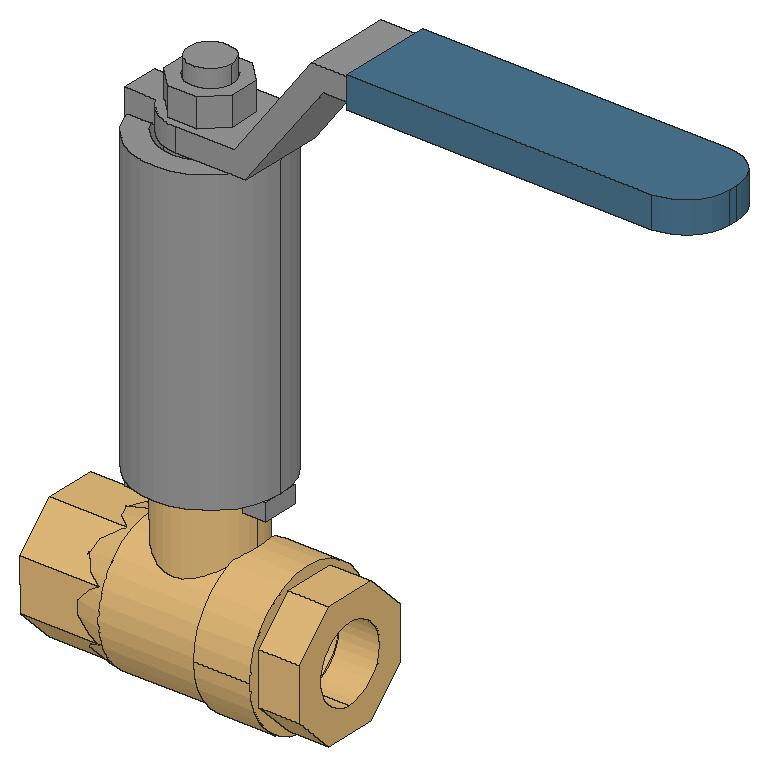
Revit family "420SE-Ball-Valve", category Pipe Accessories, Revit 2018
Family settings
  Round Connector Dimension = Use Diameter
  Part Type = Valve - Breaks Into
  OmniClass Number = 23.60.30.11.14
  OmniClass Title = Pipework Fittings
  Work Plane-Based = No
  Always vertical = Yes
  Cut with Voids When Loaded = No
  Shared = No
Parameters
  Weight [instance] = size_lookup(LookupTable, "Weight", "NA", Nominal Diameter)  # "0.3 lbs."
  URL = "http://fnw.com"
  Standards Lookup Table = "Standards"  # constant formula
  Product ID Handle [instance] = size_lookup(LookupTable, "ProductIDHandle", "NA", Nominal Diameter)  # "2240187"
  Product ID [instance] = size_lookup(LookupTable, "ProductID", "NA", Nominal Diameter)  # "989144"
  Pipe Diameter [instance] = size_lookup(Standards Lookup Table, "pipe_dia", 0", Nominal Diameter)  # 0.54"
  Pin [instance] = [1_Z3] + [1_Z2] + Z3 + 0.125"  # 2.66253"
  Piipe Radius [instance] = Pipe Diameter / 2  # 0.27"
  Part Number Handle [instance] = size_lookup(LookupTable, "PartNumberHandle", "NA", Nominal Diameter)  # "FNW420SEBD"
  Part Number [instance] = size_lookup(LookupTable, "PartNumber", "NA", Nominal Diameter)  # "FNW420B"
  NPT Insert [instance] = size_lookup(Standards Lookup Table, "NPT_insert", 0", Nominal Diameter)  # 0.4018"
  Manufacturer = "FNW"  # constant formula
  Description BOM Handle [instance] = size_lookup(LookupTable, "Description_BOMHandle", "NA", Nominal Diameter)  # "1/4 - 1/2 STEM Extension 420 421 & 430"
  Description BOM [instance] = size_lookup(LookupTable, "Description_BOM", "NA", Nominal Diameter)  # "Not For Potable Use 1/4 Brass 600# Threaded BV Handle"
  1_Z5 [instance] = size_lookup(LookupTable, "1_Z5", 0", Nominal Diameter)  # 0.25"
  1_Z4 [instance] = size_lookup(LookupTable, "1_Z4", 0", Nominal Diameter)  # 0.125"
  1_Z3 [instance] = size_lookup(LookupTable, "1_Z3", 0", Nominal Diameter)  # 2.17"
  1_Z2 [instance] = size_lookup(LookupTable, "1_Z2", 0", Nominal Diameter)  # 0.1644"
  1_Z1 [instance] = size_lookup(LookupTable, "1_Z1", 0", Nominal Diameter)  # 0.5606"
  Z3 [instance] = size_lookup(LookupTable, "Z3", 0", Nominal Diameter)  # 0.20313"
  Z2 [instance] = size_lookup(LookupTable, "Z2", 0", Nominal Diameter)  # 0.925"
  Z1 [instance] = size_lookup(LookupTable, "Z1", 0", Nominal Diameter)  # 0.89375"
  1_Y1 [instance] = size_lookup(LookupTable, "1_Y1", 0", Nominal Diameter)  # 0.625"
  1_X4 [instance] = size_lookup(LookupTable, "1_X4", 0", Nominal Diameter)  # 0.345"
  1_X1 [instance] = size_lookup(LookupTable, "1_X1", 0", Nominal Diameter)  # 0.69"
  1_X3 [instance] = size_lookup(LookupTable, "1_X3", 0", Nominal Diameter)  # 3.78"
  X7 [instance] = size_lookup(LookupTable, "X7", 0", Nominal Diameter)  # 1.01"
  X6 [instance] = size_lookup(LookupTable, "X6", 0", Nominal Diameter)  # 0"
  X5 [instance] = size_lookup(LookupTable, "X5", 0", Nominal Diameter)  # 0.30135"
  X4 [instance] = size_lookup(LookupTable, "X4", 0", Nominal Diameter)  # 0.404"
  X3 [instance] = size_lookup(LookupTable, "X3", 0", Nominal Diameter)  # 0.71085"
  X2 [instance] = size_lookup(LookupTable, "X2", 0", Nominal Diameter)  # 0.202"
  1_X2 [instance] = size_lookup(LookupTable, "1_X2", 0", Nominal Diameter)  # 0.5606"
  X1 [instance] = size_lookup(LookupTable, "X1", 0", Nominal Diameter)  # 0.4018"
  Show Lever Clearance [instance] = no
  R3 [instance] = size_lookup(LookupTable, "R3", 0", Nominal Diameter)  # 0.53"
  R2 [instance] = size_lookup(LookupTable, "R2", 0", Nominal Diameter)  # 0.5035"
  R1_Diam [instance] = R1 * 2  # 0.9063"
  R1 [instance] = size_lookup(LookupTable, "R1", 0", Nominal Diameter)  # 0.45315"
  Nominal Radius [instance] = Nominal Diameter / 2  # 0.125"
  Nominal Diameter [instance] = 0.25"
  LookupTable = "420SE-Ball-Valve"  # constant formula
  HexAngle1 [instance] = 135.00°
  D3 [instance] = size_lookup(LookupTable, "D3", 0", Nominal Diameter)  # 0.5"
  D2 [instance] = size_lookup(LookupTable, "D2", 0", Nominal Diameter)  # 0.3125"
  D1 [instance] = size_lookup(LookupTable, "D1", 0", Nominal Diameter)  # 0.69"
  1_D1 [instance] = size_lookup(LookupTable, "1_D1", 0", Nominal Diameter)  # 1.0188"
Reference planes (in)
  plane 1 "Center (Front/Back)": y = 0
  plane 2: z = 0
  plane 3 "Center (Left/Right)": x = 0
  plane 4 "X7 End": x = -1.01
  plane 5 "D1 Top": z = 0.89375
  plane 6 "D2 Top": z = 0.925
  plane 7: x = -0.6082
  plane 8: x = -0.4062
  plane 9: x = 0.30465
  plane 10 "Face EXT": x = 0.70865
  plane 11: x = 1.01
  plane 12 "R3 Top": z = 0.53
  plane 13 "R2 Top": z = 0.5035
  plane 14 "R1 Top": z = 0.45315
  plane 15: x = -1.01
  plane 16 "Pipe radius": z = 0.27
  plane 17 "NPT": x = -0.6082
  plane 18 "NPT 2": x = 0.6082
  plane 19: z = 3.58753
Forms (in)
  Extrusion 1, solid, material "Stainless Steel AISI 202"
    sketch origin (0, 0, 0) x (1, 0, 0) y (0, 1, 0)
      loop
        circle (0, 0) r 0.15625
    from 0.89375 to 3.58753
  Revolve 2, solid, material "Brass"
    sketch origin (0, 0, 0) x (1, 0, 0) y (0, 0, 1)
      loop
        line (-0.6082, 0.45315) -> (-0.6082, 0.27) -> (0.30465, 0.27) -> (0.30465, 0.5035) -> (-0.4062, 0.5035) -> (-0.6082, 0.45315)
      axis (0.30465, 0) -> (-0.6082, 0)
    angle from 0 to 360
  Sweep 3, solid, material "Brass"
    path origin (0, 0, 0) x (1, 0, 0) y (0, 0, 1)
      loop
        line (-1.01, 0) -> (1.01, 0)
    profile origin (0, 0, 0) x (0, 0, 1) y (0, -1, 0)
      loop
        circle (0, 0) r 0.27
      loop
        line (0.1877, 0.45315) -> (-0.1877, 0.45315) -> (-0.45315, 0.1877) -> (-0.45315, -0.1877) -> (-0.1877, -0.45315) -> (0.1877, -0.45315) -> (0.45315, -0.1877) -> (0.45315, 0.1877) -> (0.1877, 0.45315)
  Extrusion 4, solid, material "Brass"
    sketch origin (0, 0, 0) x (0, 1, 0) y (0, 0, 1)
      loop
        circle (0, 0) r 0.53
      loop
        circle (0, 0) r 0.27
    from 0.30465 to 0.70865
  Extrusion 5, solid, material "Brass"
    sketch origin (0, 0, 0.27) x (-1, 0, 0) y (0, -1, 0)
      loop
        circle (0, 0) r 0.345
    from 0 to 0.62375
  Extrusion 6, solid, material "Brass", not visible
    sketch origin (-0.6082, 0, 0) x (0, 0, 1) y (0, -1, 0)
      loop
        circle (0, 0) r 0.125
    from 0 to 1.2164
Dimensions and locks (in)
  "X7": plane 4 "X7 End" to plane 3 "Center (Left/Right)"
  "Z1": plane 5 "D1 Top" to plane 2
  "Z2": plane 6 "D2 Top" to plane 2
  "X1": plane 4 "X7 End" to plane 7
  "X2": plane 8 to plane 7
  "X3": plane 9 to plane 8
  "X4": plane 10 "Face EXT" to plane 9
  "X5": plane 11 to plane 10 "Face EXT"
  "R3": plane 12 "R3 Top" to plane 2
  "R2": plane 13 "R2 Top" to plane 2
  "R1": plane 14 "R1 Top" to plane 2
  "Piipe Radius": Revolve 2 sketch curve to plane 2
  "X6": plane 4 "X7 End" to plane 15
  equal spacing: Sweep 3 sketch curve, plane 1 "Center (Front/Back)", Sweep 3 sketch curve  (x4)
  "R1_Diam": Sweep 3 sketch curve to Sweep 3 sketch curve  (x4)
  Sweep 3 to Sweep 3 = 0.9063"  (x5)
  "R1_Diam": Sweep 3 to Sweep 3  (x4)
  "Piipe Radius": plane 16 "Pipe radius" to plane 2
  "NPT Insert": plane 4 "X7 End" to plane 17 "NPT"
  "NPT Insert": plane 11 to plane 18 "NPT 2"
  "Pin": plane 19 to plane 6 "D2 Top"
  "D2": diameter of Extrusion 1 sketch curve
  "R3": radius of Extrusion 4 sketch curve
  "Piipe Radius": radius of Extrusion 4 sketch curve
  "Piipe Radius": radius of Sweep 3 sketch curve
  radius of Sweep 3 sketch curve = 0.27"
  "D1": diameter of Extrusion 5 sketch curve
  "Nominal Radius": radius of Extrusion 6 sketch curve
  angle Sweep 3 sketch curve to Sweep 3 sketch curve = 135.00°  (x6)
  angle Sweep 3 to Sweep 3 = 135.00°  (x6)
  aligned and locked: plane 2 to level
  aligned and locked: Extrusion 1 to plane 5 "D1 Top"
  aligned and locked: Revolve 2 sketch curve to plane 13 "R2 Top"
  aligned and locked: plane 7 to Revolve 2 sketch curve
  aligned and locked: Extrusion 4 to plane 9
  aligned and locked: plane 10 "Face EXT" to Extrusion 4
  aligned and locked: Sweep 3 sketch curve to level
  aligned and locked: plane 5 "D1 Top" to Extrusion 5
  aligned and locked: plane 18 "NPT 2" to Extrusion 6
  aligned and locked: plane 19 to Extrusion 1
Automatic sketch dimensions
  plane 4 "X7 End" to Sweep 3 sketch curve = 0"
  Sweep 3 sketch curve to plane 11 = 0"
  plane 1 "Center (Front/Back)" to Extrusion 1 sketch curve = 0"
  Extrusion 1 sketch curve to plane 3 "Center (Left/Right)" = 0"
  Revolve 2 sketch curve to level = 0"
  Revolve 2 sketch curve to plane 8 = 0"
  Revolve 2 sketch curve to plane 9 = 0"
  Revolve 2 sketch curve to plane 14 "R1 Top" = 0"
  plane 4 "X7 End" to Revolve 2 sketch curve = 1.81248"
  plane 11 to Revolve 2 sketch curve = 4.72422"
  Sweep 3 sketch curve to plane 1 "Center (Front/Back)" = 0"
  profile plane to Sweep 3 sketch curve = 0"
  Extrusion 4 sketch curve to Extrusion 4 sketch curve = 0"  (x2)
  Extrusion 4 sketch curve to level = 0"
  Extrusion 4 sketch curve to plane 1 "Center (Front/Back)" = 0"
  plane 1 "Center (Front/Back)" to Extrusion 5 sketch curve = 0"
  Extrusion 5 sketch curve to plane 3 "Center (Left/Right)" = 0"
  Extrusion 6 sketch curve to level = 0"
  Extrusion 6 sketch curve to plane 1 "Center (Front/Back)" = 0"
Nested families (in)
  nested 1: "Nested Lever Ex" at (0, 0, 0.925), D3 <- "D3", Z6 <- "Z3", 1_X1 <- "1_X1", 1_X2 <- "1_X2", 1_X3 <- "1_X3", 1_Y1 <- "1_Y1", 1_Z1 <- "1_Z1", 1_Z2 <- "1_Z2", Show Lever Clearance <- "Show Lever Clearance", Description BOM <- "Description BOM Handle", Part Number <- "Part Number Handle", Product ID <- "Product ID Handle", Z3 <- "Z3", 1_Z3 <- "1_Z3", 1_D1 <- "1_D1", 1_Z4 <- "1_Z4", 1_Z5 <- "1_Z5", type "Nested Lever Ex"
    with Zero 0", Z6 0.20313", Z3 0.20313", Z1_Z2 0.3625", Void_Outer_Radius 0.375", Void_Outer 0.75", Tab_Width 0.375", Tab_Height_Center 0.2803", Show Lever Clearance no, Product ID "2240187", Part Number "FNW420SEBD", Lock_Tab_Width 0.875", Lock Tab 0.5", Hypotenuse_Tab_Center 0.3964", Grip_L3 0.2269", Grip_L2 0.19565", Grip_L1 0.03125", Description BOM "1/4 - 1/2 STEM Extension 420 421 & 430", D3_Half 0.16667", D3 0.5", Clearance Hieght 6", Angle Hex Head 135.00°, Ang_Constraint 39.81°, 1_Z5 0.25", 1_Z4 0.125", 1_Z3 2.17", 1_Z2_Half 0.0822", 1_Z2 0.1644", 1_Z1_Quarter 0.22235", 1_Z1 0.5606", 1_Y1_Half 0.3125", 1_Y1 0.625", 1_X3 3.78", 1_X2_Quarter 0.14015", 1_X2_Half 0.2803", 1_X2 0.5606", 1_X1 0.69", 1_D1_Half 0.5094", 1_D1 1.0188", 0Grip 2.125"
Connectors (in)
  piping at (-0.6082, 0, 0), diameter 0.25, driven by "Nominal Diameter"
    settings: on Extrusion 6, index 1, connector inside diameter 24", connector length 0", flow factor 0, pipe flow 0 GPM, pressure drop 0.00 psi, fitting loss kfactor 0, connector angle 0.00°, fixture units 0, engagement length 0", angle of deflection 0.00°, flow configuration 0, flow direction 0, fitting loss method 0, system type 7, joint type 0, gender type 0, connector reference index 2, connector utility 0, adjustable connector no, is connector primary yes, connector description ""
  piping at (0.6082, 0, 0), diameter 0.25, driven by "Nominal Diameter"
    settings: on Extrusion 6, index 2, connector inside diameter 24", connector length 0", flow factor 0, pipe flow 0 GPM, pressure drop 0.00 psi, fitting loss kfactor 0, connector angle 0.00°, fixture units 0, engagement length 0", angle of deflection 0.00°, flow configuration 0, flow direction 0, fitting loss method 0, system type 7, joint type 0, gender type 0, connector reference index 1, connector utility 0, adjustable connector no, is connector primary no, connector description ""
Definition of nested family "Nested Lever Ex"
  Parameters (values of type "Nested Lever Ex")
    Zero [instance] = 0"  # constant formula
    Z6 [instance] = 0.125"
    Z3 [instance] = 0.125"
    Z1_Z2 [instance] = ([1_Z1] + [1_Z2]) / 2  # 0.71875"
    Tab_Width [instance] = [1_Y1_Half] + (Grip_L1 * 2)  # 1.0625"
    Tab_Height_Center [instance] = [1_Z1] / 2  # 0.625"
    Product ID [instance] = ""
    Part Number [instance] = ""
    Lock_Tab_Width [instance] = [1_Y1] + 0.25"  # 2.25"
    Lock Tab [instance] = 0.5"  # constant formula
    Hypotenuse_Tab_Center [instance] = sqrt(Tab_Height_Center ^ 2 + [1_X2_Half] ^ 2)  # 0.97628"
    Description BOM [instance] = ""
    Angle 2 = 45.00°
    Ang_Constraint [instance] = 39.81°  # constant formula
    1_Z5 [instance] = 0.69253"
    1_Z4 [instance] = 0.31083"
    1_Z3 [instance] = 4.14213"
    1_Z2 [instance] = 0.1875"
    1_Z1_Quarter [instance] = [1_Z1] / 4 + ([1_Z2_Half])  # 0.40625"
    1_Z1 [instance] = 1.25"
    1_Y1_Half [instance] = [1_Y1] / 2  # 1"
    1_Y1 [instance] = 2"
    1_X3 [instance] = 15.65095"
    1_X2_Quarter [instance] = [1_X2] / 4  # 0.375"
    1_X2_Half [instance] = [1_X2] / 2  # 0.75"
    1_X1 [instance] = 2.5"
    1_X2 [instance] = 1.5"
    Void_Outer_Radius [instance] = Void_Outer / 2  # 1.0625"
    Void_Outer [instance] = [1_Y1] + Grip_L1 * 4  # 2.125"
    Show Lever Clearance [instance] = yes
    Grip_L3 [instance] = Grip_L1 + Grip_L2  # 0.25"
    Grip_L1 [instance] = 0.03125"  # constant formula
    Grip_L2 [instance] = [1_Z2] + Grip_L1  # 0.21875"
    Default Elevation = 48"
    D3_Half [instance] = D3 / 3  # 0.23251"
    D3 [instance] = 0.69752"
    Clearance Hieght [instance] = 6"  # constant formula
    Angle Hex Head [instance] = 135.00°
    1_Z2_Half [instance] = [1_Z2] / 2  # 0.09375"
    1_D1_Half [instance] = [1_D1] / 2  # 1"
    1_D1 [instance] = 2"
    0Grip [instance] = 2.125"  # constant formula
  Reference planes (in)
    plane 1 "Center (Front/Back)": y = 0
    plane 2: z = 0
    plane 3 "Center (Left/Right)": x = 0
    plane 4: y = 1
    plane 5: y = -1
    plane 6: y = 1.03125
    plane 7: y = -1.03125
    plane 8: y = 0.5
    plane 9: y = -0.5
    plane 10: x = 2.25
    plane 11: z = 4.32963
    plane 12: x = 15.65095
    plane 13: x = 1.4375
    plane 14: x = 2.9375
    plane 15: z = 5.70463
    plane 16: z = 5.51713
    plane 17: z = 4.45463
    plane 18: z = 5.73588
    plane 19: z = 5.48588
    plane 20: x = 3.15625
    plane 21: z = 3.82963
    plane 22: x = -1.0625
    plane 23: x = 0.23251
    plane 24: x = 1
    plane 25: x = -1
    plane 26: z = -0.69253
    plane 27: z = -0.31083
    plane 28 "Lever Base": z = 4.14213
    plane 29: y = 0.133
    plane 30: y = -0.133
    plane 31: x = 0.1875
  Forms (in)
    Extrusion 1, solid
      sketch origin (0, 0, 0) x (1, 0, 0) y (0, 1, 0)
        loop
          line (-48, 48) -> (-48, -48) -> (48, -48) -> (48, 48) -> (-48, 48)
      from 0 to -12
    Extrusion 2, solid
      sketch origin (0, 0, 8.25) x (1, 0, 0) y (0, 0, 1)
        loop
          line (1.16002, -4.10787) -> (1.4375, -4.10787) -> (2.9375, -2.73287) -> (4.15625, -2.73287) -> (4.15625, -2.54537) -> (2.86457, -2.54537) -> (1.16002, -4.10787)
      from -1 to 1
    Extrusion 3, solid
      sketch origin (0, 0, 8.25) x (1, 0, 0) y (0, 1, 0)
        loop
          line (0.34876, 0.14446) -> (0.14446, 0.34876) -> (-0.14446, 0.34876) -> (-0.34876, 0.14446) -> (-0.34876, -0.14446) -> (-0.14446, -0.34876) -> (0.14446, -0.34876) -> (0.34876, -0.14446) -> (0.34876, 0.14446)
        loop
          circle (0, 0) r 0.23251
      from -3.92037 to -3.79537
    Extrusion 4, solid
      sketch origin (0, 0, 8.25) x (1, 0, 0) y (0, 1, 0)
        loop
          line (14.65095, 1.03125) -> (3.15625, 1.03125) -> (3.15625, -1.03125) -> (14.65095, -1.03125)
          arc (14.65095, -1.03125) -> (15.35806, -0.73836) -> (15.65095, -0.03125) r 1
          line (15.65095, -0.03125) -> (15.65095, 0.03125)
          arc (15.65095, 0.03125) -> (15.35806, 0.73836) -> (14.65095, 1.03125) r 1
      from -2.76412 to -2.51412
    Extrusion 5, solid, visible <- "Show Lever Clearance"
      sketch origin (2.98898, 0, 4.14213) x (0, 1, 0) y (-1, 0, 0)
        loop
          line (1, 1) -> (-12.66198, 1)
          arc (-12.66198, 1) -> (-8.66048, -8.66048) -> (1, -12.66198) r 13.66198
          line (1, -12.66198) -> (1, 1)
      from 0 to 6 <- "Clearance Hieght"
    Extrusion 6, solid
      sketch origin (0, 0, 8.25) x (1, 0, 0) y (0, 1, 0)
        loop
          line (1.4375, -1) -> (1.4375, 1) -> (0, 1) -> (0, -1) -> (1.4375, -1)
      from -4.10787 to -3.92037
    Revolve 7, solid
      sketch origin (0, 0, 0) x (1, 0, 0) y (0, 0, 1)
        loop
          line (0, 0) -> (1, 0) -> (1, 4.14213) -> (0.8125, 4.14213) -> (0.8125, 0.28036) -> (0, 0.28036) -> (0, 0)
        axis (0, 4.14213) -> (0, 0)
      angle from 0 to 360
    Extrusion 8, solid
      sketch origin (0, 0, 0) x (1, 0, 0) y (0, 1, 0)
        loop
          line (-1, 0.133) -> (-1, -0.133) -> (-0.8125, -0.133) -> (-0.8125, 0.133) -> (-1, 0.133)
      from -0.69253 to 0
    Extrusion 9, solid
      sketch origin (0, 0, 0) x (1, 0, 0) y (0, 1, 0)
        loop
          line (-1, 0.133) -> (-1, -0.133) -> (-0.875, -0.133) -> (-0.875, 0.133) -> (-1, 0.133)
      from 3.64213 to 4.14213
    Extrusion 10, solid
      sketch origin (0, 0, 0) x (-1, 0, 0) y (0, -1, 0)
        loop
          line (-1, -0.133) -> (-0.8125, -0.133) -> (-0.8125, 0.133) -> (-1, 0.133) -> (-1, -0.133)
      from -0.31083 to 0
    Extrusion 11, solid
      sketch origin (0, 0, 0) x (1, 0, 0) y (0, 1, 0)
        loop
          circle (0, 0) r 1
      from 4.14213 to 4.32963
    Extrusion 12, solid
      sketch origin (0, 0, 4.14213) x (0, 1, 0) y (-1, 0, 0)
        loop
          line (0.133, 1) -> (-0.133, 1) -> (-0.133, 0) -> (0.133, 0) -> (0.133, 1)
      from 0 to 0.1875
  Cuts and joins
    joined: Extrusion 2, Extrusion 6, Extrusion 9, Extrusion 11, Extrusion 12
  Lines and regions (in)
    reference lines
      curve 1: line (0, 0, 7.7262) -> (0, 0, 3.32963)
  Dimensions and locks (in)
    equal spacing: plane 4, plane 1 "Center (Front/Back)", plane 5
    "1_Y1": plane 4 to plane 5
    "Grip_L1": plane 5 to plane 7
    "Grip_L1": plane 6 to plane 4
    equal spacing: plane 9, plane 1 "Center (Front/Back)", plane 8
    "1_Y1_Half": plane 9 to plane 8
    "1_X3": plane 12 to plane 3 "Center (Left/Right)"
    "1_X2": plane 14 to plane 13
    "1_Z2": plane 15 to plane 16
    equal spacing: Extrusion 3 sketch curve, curve 1, Extrusion 3 sketch curve  (x4)
    "D3": Extrusion 3 sketch curve to Extrusion 3 sketch curve  (x4)
    "Grip_L1": plane 18 to plane 15
    "Grip_L2": plane 15 to plane 19
    "Grip_L2": plane 20 to plane 14
    Extrusion 5 sketch curve to Extrusion 5 sketch curve = 13.66198"  (x2)
    "D3_Half": plane 23 to plane 3 "Center (Left/Right)"
    equal spacing: plane 25, plane 3 "Center (Left/Right)", plane 24
    "1_D1": plane 25 to plane 24
    "1_Z4": plane 27 to plane 2
    "1_Z5": plane 26 to plane 2
    "Lock Tab": plane 21 to plane 11
    "1_Z3": plane 2 to plane 28 "Lever Base"
    "1_Z2": Revolve 7 sketch curve to plane 24
    equal spacing: Extrusion 8 sketch curve, plane 1 "Center (Front/Back)", Extrusion 8 sketch curve
    Extrusion 8 sketch curve to Extrusion 8 sketch curve = 0.26599"
    "1_Z2": plane 25 to Extrusion 8 sketch curve
    Extrusion 9 sketch curve to Extrusion 9 sketch curve = 0.26599"  (x2)
    "Lock Tab": plane 28 "Lever Base" to Extrusion 9
    "1_Z2": plane 28 "Lever Base" to plane 11
    "Z3": plane 11 to plane 17
    "1_Z1": plane 17 to plane 15
    Extrusion 10 sketch curve to Extrusion 10 sketch curve = 0.26599"  (x2)
    "1_Z2": Extrusion 10 to plane 24
    plane 12 to plane 3 "Center (Left/Right)" = 15.65095"
    "1_Z2": plane 15 to Extrusion 2
    equal spacing: plane 29, plane 1 "Center (Front/Back)", plane 30
    "1_Z2": plane 31 to plane 3 "Center (Left/Right)"
    equal spacing: plane 13, plane 31, plane 22
    "1_X1": plane 13 to plane 22
    "1_Z2": Extrusion 2 sketch curve to Extrusion 2 sketch curve
    "D3_Half": radius of Extrusion 3 sketch curve
    "1_Y1_Half": radius of Extrusion 4 sketch curve  (x2)
    radius of Extrusion 5 sketch curve = 13.66198"
    "1_Y1_Half": radius of Extrusion 11 sketch curve
    "Angle Hex Head": angle Extrusion 3 sketch curve to Extrusion 3 sketch curve  (x6)
    aligned and locked: plane 2 to Extrusion 1
    aligned and locked: level to Extrusion 1
    aligned and locked: plane 16 to Extrusion 2 sketch curve
    aligned and locked: plane 15 to Extrusion 2 sketch curve
    aligned and locked: curve 1 to plane 3 "Center (Left/Right)"
    aligned and locked: plane 11 to Extrusion 3
    aligned and locked: Extrusion 3 to plane 17
    aligned and locked: Extrusion 4 sketch curve to plane 20
    aligned and locked: Extrusion 4 to plane 19
    aligned and locked: Extrusion 4 to plane 18
    aligned and locked: plane 13 to Extrusion 6 sketch curve
    aligned and locked: plane 24 to Revolve 7 sketch curve
    aligned and locked: Extrusion 8 to plane 26
    aligned and locked: plane 28 "Lever Base" to Extrusion 9
    aligned and locked: plane 27 to Extrusion 10
    aligned and locked: plane 12 to Extrusion 5
    aligned and locked: plane 4 to Extrusion 2
    aligned and locked: Extrusion 2 to plane 5
    aligned and locked: plane 4 to Extrusion 6 sketch curve
    aligned and locked: plane 5 to Extrusion 6 sketch curve
    aligned and locked: Extrusion 6 to plane 3 "Center (Left/Right)"
    aligned and locked: Extrusion 11 to plane 11
    aligned and locked: Extrusion 11 to Extrusion 5
    aligned and locked: Extrusion 6 to Extrusion 5
    aligned and locked: Extrusion 6 to plane 11
    aligned and locked: Extrusion 12 sketch curve to plane 25
    aligned and locked: Extrusion 12 to plane 11
    aligned and locked: Revolve 7 to plane 28 "Lever Base"
  Automatic sketch dimensions
    Extrusion 1 sketch curve to Extrusion 1 sketch curve = 96"  (x2)
    plane 21 to curve 1 = 0.5"
    plane 18 to curve 1 = 1.99032"
    Extrusion 9 sketch curve to plane 25 = 0"
    Extrusion 9 sketch curve to Extrusion 9 sketch curve = 0.125"
    plane 1 "Center (Front/Back)" to Extrusion 9 sketch curve = 0.133"
    Extrusion 10 sketch curve to plane 24 = 0"
    Extrusion 10 sketch curve to Extrusion 10 sketch curve = 0.1875"
    Extrusion 10 sketch curve to plane 1 "Center (Front/Back)" = 0.133"
    Extrusion 5 sketch curve to plane 25 = 2.98898"
    Extrusion 5 sketch curve to plane 4 = 0"
    Extrusion 6 sketch curve to plane 25 = 1"
    Extrusion 12 sketch curve to plane 30 = 0"
    plane 29 to Extrusion 12 sketch curve = 0"
    Extrusion 12 sketch curve to plane 3 "Center (Left/Right)" = 0"
    Extrusion 2 sketch curve to plane 28 "Lever Base" = 0"
    plane 13 to Extrusion 2 sketch curve = 0"
    Extrusion 2 sketch curve to plane 14 = 0"
    plane 20 to Extrusion 2 sketch curve = 1"
    plane 1 "Center (Front/Back)" to Extrusion 3 sketch curve = 0"
    Extrusion 3 sketch curve to plane 3 "Center (Left/Right)" = 0"
    plane 6 to Extrusion 4 sketch curve = 0"
    plane 7 to Extrusion 4 sketch curve = 0"
    Extrusion 4 sketch curve to plane 12 = 0"
    Revolve 7 sketch curve to plane 3 "Center (Left/Right)" = 0"  (x2)
    Revolve 7 sketch curve to level = 0"
    Revolve 7 sketch curve to plane 28 "Lever Base" = 0"
    level to Revolve 7 sketch curve = 0.28036"
    Revolve 7 sketch curve to plane 26 = 2.83452"
    plane 21 to Revolve 7 sketch curve = 0.75"
    Extrusion 8 sketch curve to plane 25 = 0"
    plane 1 "Center (Front/Back)" to Extrusion 11 sketch curve = 0"
    Extrusion 11 sketch curve to plane 3 "Center (Left/Right)" = 0"
